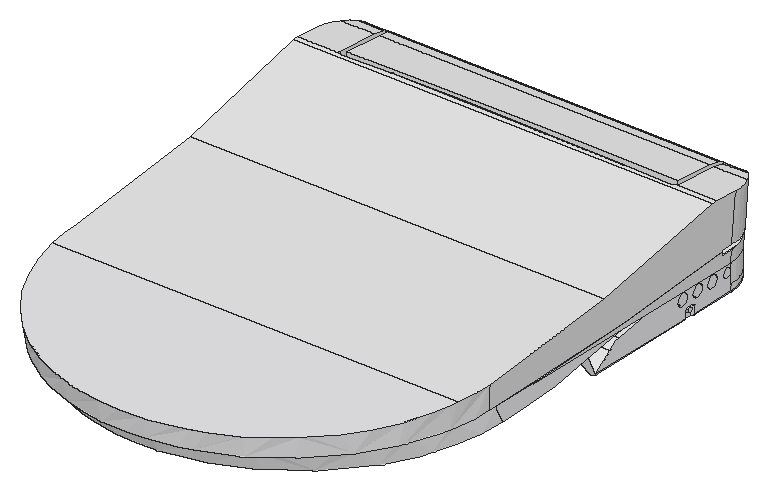
Revit family "Toilet_Seat-Elongated_Closed_Front-Cleansing-KOHLER-Purewash-K-28820X", category Plumbing Fixtures, host Face, Revit 2021 (continued)
Definition of nested family "K-28820X"
  Lines and regions (in)
    symbolic lines, detail levels medium+fine
      curve 185: arc (0, -13.52205, 1.93142) -> (0, -9.57684, 2.11689) -> (0, -5.63442, 2.35433) r 299.69268
      curve 186: arc (0, -5.63442, 2.35433) -> (0, -3.96644, 2.44313) -> (0, -2.29667, 2.48668) r 61.60574
      curve 187: arc (0, -2.29667, 2.48668) -> (0, -1.51569, 2.41541) -> (0, -0.73733, 2.51115) r 3.68202
      curve 188: arc (0, -6.96153, 1.62123) -> (0, -5.31908, 2.02172) -> (0, -3.68462, 2.45366) r 88.10831
      curve 189: arc (0, -6.85664, 1.76042) -> (0, -5.37976, 2.06015) -> (0, -3.92271, 2.44485) r 26.0288
      curve 190: arc (0, -5.09167, 2.3882) -> (0, -6.44282, 2.11565) -> (0, -7.80571, 1.90965) r 28.11493
      curve 191: arc (0, -7.80571, 1.90965) -> (0, -11.43775, 1.56762) -> (0, -15.08414, 1.45572) r 57.7178
      curve 192: arc (0, -15.08414, 1.45572) -> (0, -17.08657, 1.44026) -> (0, -19.08845, 1.39014) r 115.70256
      curve 193: line (0, -15.73157, 1.22238) -> (0, -17.49027, 1.21135)
      curve 194: line (0, -15.87791, 1.1253) -> (0, -17.33245, 1.10601)
      curve 195: line (0, -10.74329, 1.2966) -> (0, -12.97962, 1.29426)
      curve 196: line (-7.4128, -3.65709, 0) -> (-7.45639, -6.15425, 0)
      curve 197: line (0, -5.29395, 0.84881) -> (0, -4.96736, 0.84881)
      curve 198: line (0, -4.94137, 0.8748) -> (0, -4.94137, 0.91732)
      curve 199: line (0, -5.32277, 0.87763) -> (0, -5.32277, 0.91732)
      curve 200: arc (0, -4.96736, 0.84881) -> (0, -4.94898, 0.85642) -> (0, -4.94137, 0.8748) r 0.02599
      curve 201: arc (0, -5.29395, 0.84881) -> (0, -5.31433, 0.85725) -> (0, -5.32277, 0.87763) r 0.02882
      curve 202: arc (6.62148, 0, 1.83956) -> (6.33623, 0, 1.77928) -> (6.04824, 0, 1.7338) r 5.64484
      curve 203: line (-1.02586, 0, 0.91732) -> (-1.02586, 0, 1.02814)
      curve 204: line (1.02586, 0, 0.91732) -> (1.02586, 0, 1.02814)
      curve 205: line (-7.47268, 0, 3.77612) -> (-7.47268, 0, 3.99081)
      curve 206: arc (-7.31333, 0, 1.97927) -> (-7.29087, 0, 1.89978) -> (-7.26172, 0, 1.82249) r 0.96754
      curve 207: arc (-7.23601, 0, 1.6956) -> (-7.28764, 0, 1.77429) -> (-7.31333, 0, 1.86482) r 0.31058
      curve 208: arc (-7.31333, 0, 2.04835) -> (-6.69764, 0, 1.81807) -> (-6.0457, 0, 1.73392) r 2.86996
      curve 209: arc (7.31333, 0, 1.88549) -> (7.2553, 0, 1.79061) -> (7.18154, 0, 1.70736) r 0.63206
      curve 210: arc (7.21401, 0, 1.67304) -> (7.27102, 0, 1.73929) -> (7.31333, 0, 1.81577) r 0.42666
      curve 211: arc (7.31333, 0, 2.0486) -> (6.9705, 0, 1.93382) -> (6.62148, 0, 1.83956) r 6.09695
      curve 212: arc (0, -12.87318, 2.0243) -> (0, -16.18207, 1.90966) -> (0, -19.49294, 1.90578) r 98.95125
      curve 213: arc (0, -19.44557, 1.83724) -> (0, -16.48324, 1.84806) -> (0, -13.52205, 1.93142) r 120.97272
      curve 214: line (0, -19.88843, 1.95124) -> (0, -19.47928, 1.95124)
      curve 215: arc (0, -19.47928, 1.95124) -> (0, -16.17641, 1.95543) -> (0, -12.87552, 2.06991) r 98.90558
      curve 216: line (0, -12.87552, 2.06991) -> (0, -4.65171, 2.49268)
      curve 217: line (0, -4.65171, 2.49268) -> (0, -2.38549, 2.57182)
      curve 218: line (0, -2.38549, 2.57182) -> (0, -0.9129, 2.72659)
      curve 219: line (0, -0.9129, 2.72659) -> (0, -0.40461, 2.8754)
      curve 220: line (0, -0.40461, 2.8754) -> (0, -0.047, 3.11661)
      curve 221: line (0, -20.24409, 2.69024) -> (0, -19.00268, 2.69024)
      curve 222: arc (0, -0.81043, 4.28008) -> (0, -1.58244, 4.3501) -> (0, -2.35581, 4.40307) r 35.15072
      curve 223: arc (0, -0.42427, 4.21487) -> (0, -0.61628, 4.25383) -> (0, -0.81043, 4.28008) r 2.97695
      curve 224: arc (0, -0.18283, 3.9304) -> (0, -0.25689, 4.11223) -> (0, -0.42427, 4.21487) r 0.31496
      curve 225: arc (0, -2.35581, 4.40307) -> (0, -2.40656, 4.40514) -> (0, -2.45736, 4.40552) r 1.52376
      curve 226: arc (0, -2.45736, 4.40552) -> (0, -2.50573, 4.40384) -> (0, -2.55396, 4.39973) r 0.95789
      curve 227: arc (0, -2.55396, 4.39973) -> (0, -4.94191, 3.82399) -> (0, -7.35997, 3.39183) r 41.13016
      curve 228: arc (0, -7.35997, 3.39183) -> (0, -11.25868, 2.94375) -> (0, -15.17829, 2.7503) r 60.27745
      curve 229: arc (0, -19.00268, 2.69024) -> (0, -17.09025, 2.70526) -> (0, -15.17829, 2.7503) r 121.79732
      curve 230: line (0, -0.07874, 2.44178) -> (0, -0.18283, 3.9304)
      curve 231: line (0, -0.07874, 1.38413) -> (0, -0.07874, 2.44178)
      curve 232: line (7.4128, -3.65709, 0) -> (7.45639, -6.15425, 0)
      curve 233: line (-7.45639, -6.15425, 0) -> (-7.45639, -12.69269, 0)
      curve 234: line (7.45639, -6.15425, 0) -> (7.45639, -12.69269, 0)
      curve 235: arc (-7.45639, -12.69269, 0) -> (0, -20.14908, 0) -> (7.45639, -12.69269, 0) r 7.45639
      curve 236: arc (-7.53128, -6.46885, 0) -> (-7.48422, -5.06284, 0) -> (-7.45217, -3.6564, 0) r 131.8491
      curve 237: arc (7.53171, -6.17971, 0) -> (7.48307, -4.91834, 0) -> (7.45217, -3.6564, 0) r 89.78835
      curve 238: line (-5.99606, -1.87246, 0) -> (-5.99606, -0.0018, 0)
      curve 239: line (5.99606, -1.87246, 0) -> (5.99606, -0.0018, 0)
  Dimensions and locks (in)
    locked: plane 17 to plane 16 at 7.88189
    plane 15 to plane 14 = 11.02362"
    locked: plane 18 to level at 4.48425
    locked: plane 18 to plane 19 at 3.56693
    plane 20 to plane 19 = 1.94094"
    locked: plane 21 to plane 19 at 1.43701
    plane 10 to plane 9 = 15.06299"
    plane 36 to plane 1 "Center (Front/Back)" = 20.24409"
    plane 9 to plane 10 = 15.06299"
    aligned and locked: plane 2 to level
    aligned and locked: plane 26 to Masking region 1
    aligned and locked: plane 29 to Masking region 2
    aligned and locked: Masking region 1 sketch curve to plane 36
    aligned and locked: plane 10 to Masking region 3 sketch curve
    aligned and locked: plane 9 to Masking region 3 sketch curve
    aligned and locked: Masking region 1 sketch curve to plane 9
    aligned and locked: Masking region 3 sketch curve to level
    aligned and locked: plane 18 to Masking region 2 sketch curve
    aligned and locked: Masking region 3 sketch curve to plane 18
